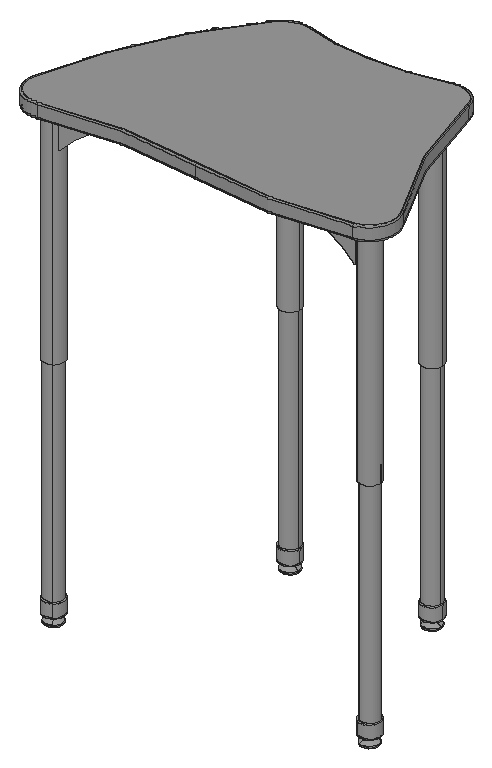
Revit family "Hierarchy Creator Octagional Trapezoid Desk - Standing Height", category Furniture, Revit 2018
Family settings
  Work Plane-Based = No
  Always vertical = Yes
  Cut with Voids When Loaded = No
  Shared = No
  Room Calculation Point = No
Parameters
  Surface = Hierarchy Creator Octagional Trapezoid Desk Standing Surface
  Leg Finish = Hierarchy Leg Platinum
  Edgeband = Hierarchy Creator Octagional Trapezoid Desk Standing Edgeband
  Desk Height = 3' - 5"
  Caster/Glide = Hierarchy Standing Leg - Glide : Hierarchy Standing Leg - Glide
Reference planes (in)
  plane 1 "Center (Front/Back)": y = 0
  plane 2: z = 0
  plane 3 "Center (Left/Right)": x = 0
  plane 4: z = 41
Dimensions and locks (in)
  "Desk Height": plane 4 to level
  aligned and locked: plane 2 to level
  aligned and locked: nested 1 to plane 4
Nested families (in)
  nested 1: "Creator Octagonal Trapezoid Desk Tabletop" at (0, 0, 27.97788), type "Creator Octagonal Trapezoid Desk Tabletop"
  nested 2: "Hierarchy Standing Leg - Glide" at (-14.28534, -7.27315, 0) x (-0.5582, 0.8297, 0) z (0, 0, 1), Leg Finish <- "Leg Finish", Leg Height <- "Desk Height", type "Hierarchy Standing Leg - Glide"
    with Leg Height 3' - 5", Leg Finish Hierarchy Leg Platinum
  nested 3: "Hierarchy Standing Leg - Glide" at (-6.1836, 8.67733, 0), type <- "Caster/Glide", Leg Finish <- "Leg Finish", Leg Height <- "Desk Height", type "Hierarchy Standing Leg - Glide"
  nested 4: "Hierarchy Standing Leg - Glide" at (6.43356, 8.60737, 0), type <- "Caster/Glide", Leg Finish <- "Leg Finish", Leg Height <- "Desk Height", type "Hierarchy Standing Leg - Glide"
  nested 5: "Hierarchy Standing Leg - Glide" at (13.38715, -6.96755, 0) x (-0.413, -0.9107, 0) z (0, 0, 1), Leg Finish <- "Leg Finish", Leg Height <- "Desk Height", type "Hierarchy Standing Leg - Glide"
    with Leg Height 3' - 5", Leg Finish Hierarchy Leg Platinum
Definition of nested family "Creator Octagonal Trapezoid Desk Tabletop"
  Parameters (values of type "Creator Octagonal Trapezoid Desk Tabletop")
    Surface = none
    Edgeband = none
  Reference planes (in)
    plane 1 "Center (Front/Back)": y = 0
    plane 2: z = 0
    plane 3 "Center (Left/Right)": x = 0
  Forms (in)
    Extrusion 1, solid, material <- "Surface"
      sketch origin (0, 0, 0) x (1, 0, 0) y (0, 1, 0)
        loop
          arc (-5.91145, 10.36445) -> (-7.16878, 10.34189) -> (-8.21519, 9.64446) r 2.23655
          arc (-8.21519, 9.64446) -> (-13.25206, 1.87414) -> (-16.37514, -6.84335) r 40.15638
          arc (-16.37514, -6.84335) -> (-15.80546, -8.89623) -> (-13.77129, -9.52952) r 2.22538
          arc (-13.77129, -9.52952) -> (-6.85259, -8.80415) -> (0.08106, -9.36898) r 37.50697
          arc (0.08106, -9.36898) -> (6.94642, -9.93062) -> (13.7979, -9.21946) r 37.27653
          arc (13.7979, -9.21946) -> (15.42998, -7.89246) -> (15.25081, -5.79663) r 2.24865
          arc (15.25081, -5.79663) -> (11.67977, 1.13685) -> (9.50316, 8.62602) r 40.52121
          arc (9.50316, 8.62602) -> (8.4874, 10.11552) -> (6.70427, 10.3817) r 2.25084
          arc (6.70427, 10.3817) -> (3.38145, 9.72593) -> (0, 9.53365) r 24.55409
          arc (0, 9.53365) -> (-2.98222, 9.76051) -> (-5.91145, 10.36445) r 23.49085
      from 13.02212 to 14.27206
    Sweep 2, solid, material <- "Edgeband"
      path origin (0, 0, 0) x (1, 0, 0) y (0, 1, 0)
        loop
          arc (0, 9.53365) -> (-2.98222, 9.76051) -> (-5.91145, 10.36445) r 23.49085
          arc (-5.91145, 10.36445) -> (-7.16878, 10.34189) -> (-8.21519, 9.64446) r 2.23655
          arc (-8.21519, 9.64446) -> (-13.25206, 1.87414) -> (-16.37514, -6.84335) r 40.15638
          arc (-16.37514, -6.84335) -> (-15.80546, -8.89623) -> (-13.77129, -9.52952) r 2.22538
          arc (-13.77129, -9.52952) -> (-6.85259, -8.80415) -> (0.08106, -9.36898) r 37.50697
          arc (0.08106, -9.36898) -> (6.94642, -9.93062) -> (13.7979, -9.21946) r 37.27653
          arc (13.7979, -9.21946) -> (15.42998, -7.89246) -> (15.25081, -5.79663) r 2.24865
          arc (15.25081, -5.79663) -> (11.67977, 1.13685) -> (9.50316, 8.62602) r 40.52121
          arc (9.50316, 8.62602) -> (8.4874, 10.11552) -> (6.70427, 10.3817) r 2.25084
          arc (6.70427, 10.3817) -> (3.38145, 9.72593) -> (0, 9.53365) r 24.55409
      profile origin (-2.98222, 9.76051, 0) x (-0.139173, -0.990268, 0) y (0, 0, 1)
        loop
          line (0, 13.02218) -> (0, 14.27206)
          arc (0, 14.27206) -> (-0.08841, 14.23311) -> (-0.12472, 14.14358) r 0.12854
          line (-0.12472, 14.14358) -> (-0.12472, 13.15066)
          arc (-0.12472, 13.15066) -> (-0.08841, 13.06113) -> (0, 13.02218) r 0.12854
  Dimensions and locks (in)
    aligned and locked: plane 2 to level
Definition of nested family "Hierarchy Standing Leg - Glide"
  Parameters (values of type "Hierarchy Standing Leg - Glide")
    Leg Finish [instance] = none
    Leg Height [instance] = 3' - 5"
  Reference planes (in)
    plane 1 "Center (Front/Back)": y = 0
    plane 2: z = 0
    plane 3 "Center (Left/Right)": x = 0
  Forms (in)
    Extrusion 1, solid
      sketch origin (-0.01562, 0, 0) x (1, 0, 0) y (0, 1, 0)
        loop
          circle (0.01563, 0) r 0.79147
      from 2 to 23.175
    Revolve 2, solid
      sketch origin (0, 0, 0) x (1, 0, 0) y (0, 0, 1)
        loop
          line (0, 2) -> (0, 0.74937) -> (0.84838, 0.74937)
          arc (0.84838, 0.74937) -> (0.89342, 0.76803) -> (0.91207, 0.81306) r 0.06369
          line (0.91207, 0.81306) -> (0.91207, 1.93631)
          arc (0.91207, 1.93631) -> (0.89342, 1.98134) -> (0.84838, 2) r 0.06369
          line (0.84838, 2) -> (0, 2)
        axis (0, 2) -> (0, 0.74937)
      angle from 0 to 360
    Revolve 3, solid
      sketch origin (0, 0, 0) x (1, 0, 0) y (0, 0, 1)
        loop
          line (0, 0.75) -> (0, 0) -> (0.74583, 0) -> (0.79147, 0.09013) -> (0.79147, 0.16241) -> (0.12474, 0.5) -> (0.12474, 0.75) -> (0, 0.75)
        axis (0, 0.75) -> (0, 0)
      angle from 0 to 360
  Dimensions and locks (in)
    "Leg Height": nested 1 to level
    aligned and locked: plane 2 to level
  Automatic sketch dimensions
    plane 1 "Center (Front/Back)" to Extrusion 1 sketch curve = 0' - 0"
    Extrusion 1 sketch curve to plane 3 "Center (Left/Right)" = 0' - 0"
    Revolve 2 sketch curve to plane 3 "Center (Left/Right)" = 0' - 0"  (x2)
    plane 3 "Center (Left/Right)" to Revolve 2 sketch curve = 0' - 0.84838"
    Revolve 2 sketch curve to Revolve 2 sketch curve = 0' - 0.84838"
    Revolve 2 sketch curve to Revolve 2 sketch curve = 0' - 0.06369"
    level to Revolve 2 sketch curve = 0' - 0.74937"
    Revolve 2 sketch curve to Revolve 2 sketch curve = 0' - 1.12324"
    Revolve 2 sketch curve to Revolve 2 sketch curve = 0' - 0.13731"
    Revolve 2 sketch curve to Revolve 2 sketch curve = 0' - 0 3/4"
    Revolve 3 sketch curve to plane 3 "Center (Left/Right)" = 0' - 0"  (x2)
    Revolve 3 sketch curve to level = 0' - 0"
    plane 3 "Center (Left/Right)" to Revolve 3 sketch curve = 0' - 0.12474"
    plane 3 "Center (Left/Right)" to Revolve 3 sketch curve = 0' - 0.74583"
    Revolve 3 sketch curve to Revolve 3 sketch curve = 0' - 0.04564"
    level to Revolve 3 sketch curve = 0' - 0.09013"
    Revolve 3 sketch curve to Revolve 3 sketch curve = 0' - 0.07228"
    level to Revolve 3 sketch curve = 0' - 0 1/2"
    Revolve 3 sketch curve to Revolve 3 sketch curve = 0' - 0 1/4"
    Revolve 3 sketch curve to level = 0' - 0 1/8"
    Revolve 3 sketch curve to Revolve 3 sketch curve = 0' - 0 1/8"
    radius of Extrusion 1 sketch curve = 0' - 0.79147"
  Nested families (in)
    nested 1: "Hierarchy Standing Upper Leg 2023" at (0, 0, 0.19983), Leg Finish <- "Leg Finish", type "Hierarchy Standing Upper Leg 2023"
      with Leg Finish none
  Definition of nested family "Hierarchy Standing Upper Leg 2023"
    Parameters (values of type "Hierarchy Standing Upper Leg 2023")
      Leg Finish [instance] = none
    Reference planes (in)
      plane 1 "Center (Front/Back)": y = 0
      plane 2: z = 0
      plane 3 "Center (Left/Right)": x = 0
    Forms (in)
      Extrusion 1, solid, material <- "Leg Finish"
        sketch origin (0, 0, 0) x (1, 0, 0) y (0, 1, 0)
          loop
            circle (0, 0) r 0.9129
        from 20.67418 to 40.67418
      Extrusion 2, solid, material <- "Leg Finish"
        sketch origin (0, 0, 12.998) x (1, 0, 0) y (0, 1, 0)
          loop
            line (-1.70174, 0.19183) -> (-3.96611, -4.49738)
            arc (-3.96611, -4.49738) -> (-3.91977, -5.33444) -> (-3.18615, -5.74016) r 0.86614
            line (-3.18615, -5.74016) -> (3.18615, -5.74016)
            arc (3.18615, -5.74016) -> (3.91977, -5.33444) -> (3.96611, -4.49738) r 0.86614
            line (3.96611, -4.49738) -> (1.70174, 0.19183)
            arc (1.70174, 0.19183) -> (0, 1.25984) -> (-1.70174, 0.19183) r 1.88976
        from 27.67618 to 27.80217
      Extrusion 3, solid, material <- "Leg Finish"
        sketch origin (12.41967, 1.58692, 0) x (0.434844, 0.900506, 0) y (0, 0, 1)
          loop
            arc (-12.68776, 40.67418) -> (-12.80559, 40.56418) -> (-12.70394, 40.43908) r 0.11811
            arc (-12.70394, 40.43908) -> (-9.98192, 39.53509) -> (-7.76426, 37.71614) r 7.87402
            arc (-7.76426, 37.71614) -> (-7.63344, 37.68136) -> (-7.55587, 37.79229) r 0.11811
            line (-7.55587, 37.79229) -> (-7.55587, 40.67418) -> (-12.68776, 40.67418)
        from -11.10976 to -10.98378
      Extrusion 4, solid, material <- "Leg Finish"
        sketch origin (-12.41967, 1.58692, 0) x (-0.434844, 0.900506, 0) y (0, 0, -1)
          loop
            line (-12.68776, -40.67418) -> (-7.55587, -40.67418) -> (-7.55587, -37.79229)
            arc (-7.55587, -37.79229) -> (-7.63344, -37.68136) -> (-7.76426, -37.71614) r 0.11811
            arc (-7.76426, -37.71614) -> (-9.98192, -39.53509) -> (-12.70394, -40.43908) r 7.87402
            arc (-12.70394, -40.43908) -> (-12.80559, -40.56418) -> (-12.68776, -40.67418) r 0.11811
        from -11.10976 to -10.98378
    Dimensions and locks (in)
      aligned and locked: plane 2 to level
